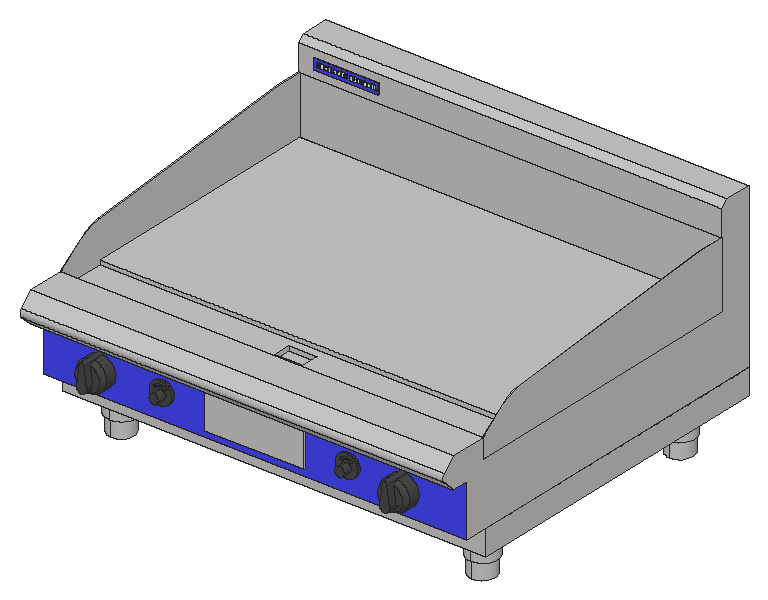
Revit family "QF_MOFFAT_BLUESEAL_CE_GP516-B", category Specialty Equipment, Revit 2012
Parameters
  Width [instance] = 900 mm  # constant formula
  Weight in Pounds = 346  # constant formula
  URL Cutsheet = "www.moffat.com"
  URL = "www.moffat.com"
  Type Mark [instance] = ""
  Status [instance] = ""
  Specification by User [instance] = ""
  Specification by Manufacturer = ""
  Show Logo [instance] = yes
  Serial Number = ""
  Seismic Rating = ""
  SMACNA No = ""
  Revision Code [instance] = ""
  Omniclass Number and Title = ""
  NAFEM Spec ID Number = ""
  Model = "GP516-B"
  Mechanical Remarks = ""
  Mechanical Connection Type = ""
  Masterspec = ""
  Manufacturer = "MOFFAT BLUESEAL"
  Item Number [instance] = ""
  Installed By [instance] = ""
  Identify Quantity as Lot [instance] = yes
  Height [instance] = 370 mm  # constant formula
  Gas Size = 3/4"
  Gas RI Height [instance] = 0 mm
  Gas KW = 22.2
  Gas Input = 75825.0 Btu/h
  Gas Connection Height = 0 mm
  Furnished By [instance] = ""
  Foodservice Equipment Identifier [instance] = yes
  Description = "900MM GAS GRIDDLE PLATE BENCH MOUNT"
  Depth [instance] = 812 mm  # constant formula
  CSI MasterFormat = ""
  CSI Master Format = ""
  Base Height [instance] = 85 mm
Reference planes
  plane 1 "BACK": y = 0
  plane 2: z = 0
  plane 3 "LEFT": x = 0
  plane 4 "RIGHT": x = 900
  plane 5 "FRONT": y = -812
  plane 6 "TOP": z = 375
  plane 7 "Center Y": x = 450
  plane 8 "Center X": y = -406
  plane 9 "Base Height": z = 85
  plane 10: z = 485
  plane 11: y = -100
  plane 12: y = -625
Forms (mm)
  Extrusion 1, solid, material "QF_Finishes_Stainless Steel"
    sketch origin (0, 0, 0) x (0, 1, 0) y (0, 0, 1)
      loop
        line (0, 140) -> (0, 485) -> (-57.5, 485) -> (-70, 472.5) -> (-70, 275) -> (-705, 275) -> (-705, 315) -> (-783.97, 315) -> (-808.485, 290.485)
        arc (-808.485, 290.485) -> (-811.999, 282) -> (-808.485, 273.515) r 12
        line (-808.485, 273.515) -> (-784.97, 250) -> (-749, 250) -> (-749, 140) -> (0, 140)
      loop
        line (0, 85) -> (0, 139) -> (-699, 139) -> (-699, 85) -> (0, 85)
    from 0 to 900
  Revolve 2, solid, material "QF_Finishes_Stainless Steel"
    sketch origin (65.5, -210, 0) x (0, 1, 0) y (0, 0, 1)
      loop
        line (78.25, 85) -> (78.25, 35) -> (82.5, 35) -> (82.5, 0) -> (110, 0) -> (110, 85) -> (78.25, 85)
      axis (110, 85) -> (110, 0)
    angle from 0 to 360
  Revolve 3, solid, material "QF_Finishes_Black"
    sketch origin (127.606, 7, -7.199) x (0, 1, 0) y (0, 0, -1)
      loop
        line (-789, -234.5) -> (-766, -234.5) -> (-766, -207) -> (-756, -207) -> (-756, -202) -> (-800, -202) -> (-800, -228.651) -> (-789, -234.5)
      axis (-800, -202) -> (-756, -202)
    angle from 0 to 360
  Extrusion 4, solid, material "QF_Finishes_Black"
    sketch origin (115.878, 0, -7.042) x (-1, 0, 0) y (0, 0, -1)
      loop
        line (-22.044, -191.036) -> (-16.624, -233.955)
        arc (-16.624, -233.955) -> (-11.625, -238.842) -> (-6.626, -233.955) r 5
        line (-6.626, -233.955) -> (-1.137, -189.869)
        arc (-1.137, -189.869) -> (-12.209, -179.37) -> (-22.044, -191.036) r 10.487
    from 759 to 808
  Revolve 5, solid, material "QF_Finishes_Stainless Steel"
    sketch origin (65.5, -728, 0) x (0, 1, 0) y (0, 0, 1)
      loop
        line (71.25, 85) -> (71.25, 35) -> (75.5, 35) -> (75.5, 0) -> (103, 0) -> (103, 85) -> (71.25, 85)
      axis (103, 85) -> (103, 0)
    angle from 0 to 360
  Extrusion 6, solid, material "QF_Finishes_Stainless Steel"
    sketch origin (0, -749, 266) x (0, 0, -1) y (1, 0, 0)
      loop
        line (25.201, 345) -> (112.1, 345) -> (112.1, 555) -> (25.201, 555) -> (25.201, 345)
    from 0 to 2.5
  Extrusion 7, solid, material "QF_Finishes_Stainless Steel"
    sketch origin (0, -751.5, 266) x (0, 0, -1) y (1, 0, 0)
      loop
        line (32.201, 555) -> (25.201, 555) -> (25.201, 345) -> (32.201, 345) -> (32.201, 555)
    from 0 to 5
  Extrusion 8, solid, material "QF_Finishes_Stainless Steel"
    sketch origin (0, -706, 134.206) x (0, 1, 0) y (-1, 0, 0)
      loop
        circle (673.862, -769.75) r 9.525
    from -49.206 to -64.206
  Revolve 9, solid, material "QF_Finishes_Black"
    sketch origin (772.616, 7, -7.2) x (0, 1, 0) y (0, 0, -1)
      loop
        line (-789, -234.5) -> (-766, -234.5) -> (-766, -207) -> (-756, -207) -> (-756, -202) -> (-800, -202) -> (-800, -228.651) -> (-789, -234.5)
      axis (-800, -202) -> (-756, -202)
    angle from 0 to 360
  Extrusion 10, solid, material "QF_Finishes_Black"
    sketch origin (760.889, 0, -7.042) x (-1, 0, 0) y (0, 0, -1)
      loop
        line (-22.044, -191.036) -> (-16.624, -233.955)
        arc (-16.624, -233.955) -> (-11.625, -238.842) -> (-6.626, -233.955) r 5
        line (-6.626, -233.955) -> (-1.137, -189.869)
        arc (-1.137, -189.869) -> (-12.209, -179.37) -> (-22.044, -191.036) r 10.487
    from 759 to 808
  Revolve 11, solid, material "QF_Finishes_Stainless Steel"
    sketch origin (834.5, -210, 0) x (0, 1, 0) y (0, 0, -1)
      loop
        line (78.25, -85) -> (110, -85) -> (110, 0) -> (82.5, 0) -> (82.5, -35) -> (78.25, -35) -> (78.25, -85)
      axis (110, -85) -> (110, 0)
    angle from 0 to 360
  Revolve 12, solid, material "QF_Finishes_Stainless Steel"
    sketch origin (834.5, -728, 0) x (0, 1, 0) y (0, 0, -1)
      loop
        line (71.25, -85) -> (103, -85) -> (103, 0) -> (75.5, 0) -> (75.5, -35) -> (71.25, -35) -> (71.25, -85)
      axis (103, -85) -> (103, 0)
    angle from 0 to 360
  Extrusion 13, solid, material "QF_Finishes_Black"
    sketch origin (17.5, -749, 264.021) x (0, 0, -1) y (1, 0, 0)
      loop
        circle (70, 235) r 24
      loop
        arc (60.1, 249.913) -> (52.064, 235.125) -> (59.882, 220.219) r 17.868
        arc (59.882, 220.219) -> (60.362, 219.934) -> (60.877, 220.149) r 0.621
        arc (60.877, 220.149) -> (62.314, 222.708) -> (62.658, 225.622) r 7.495
        arc (62.658, 225.622) -> (62.454, 226.55) -> (62.006, 227.388) r 3.472
        arc (62.006, 227.388) -> (59.714, 234.851) -> (61.844, 242.362) r 13.786
        arc (61.844, 242.362) -> (62.484, 243.632) -> (62.749, 245.028) r 5.101
        arc (62.749, 245.028) -> (62.378, 247.547) -> (61.084, 249.739) r 6.611
        arc (61.084, 249.739) -> (60.622, 249.997) -> (60.1, 249.913) r 0.806
    from 0 to 5
  Extrusion 14, solid, material "QF_Finishes_Black"
    sketch origin (17.5, -754, 264.021) x (0, 0, -1) y (1, 0, 0)
      loop
        circle (73.5, 235) r 10
    from 0 to 18.251
  Extrusion 15, solid, material "QF_Finishes_Black"
    sketch origin (413.125, -749, 264.021) x (0, 0, -1) y (1, 0, 0)
      loop
        circle (70, 235) r 24
      loop
        arc (60.1, 249.913) -> (52.064, 235.125) -> (59.882, 220.219) r 17.868
        arc (59.882, 220.219) -> (60.362, 219.934) -> (60.877, 220.149) r 0.621
        arc (60.877, 220.149) -> (62.314, 222.708) -> (62.658, 225.622) r 7.495
        arc (62.658, 225.622) -> (62.454, 226.55) -> (62.006, 227.388) r 3.472
        arc (62.006, 227.388) -> (59.714, 234.851) -> (61.844, 242.362) r 13.786
        arc (61.844, 242.362) -> (62.484, 243.632) -> (62.749, 245.028) r 5.101
        arc (62.749, 245.028) -> (62.378, 247.547) -> (61.084, 249.739) r 6.611
        arc (61.084, 249.739) -> (60.622, 249.997) -> (60.1, 249.913) r 0.806
    from 0 to 5
  Extrusion 16, solid, material "QF_Finishes_Black"
    sketch origin (413.125, -754, 264.021) x (0, 0, -1) y (1, 0, 0)
      loop
        circle (73.5, 235) r 10
    from 0 to 18.251
Cuts and joins
  joined: Revolve 3, Extrusion 4
  joined: Extrusion 6, Extrusion 7
Lines and regions (mm)
  Split face 1
    outline origin (495, -751.5, 153.9) x (1, 0, 0) y (0, 0, 1)
      loop
        arc (-52, 77) -> (-56, 73) -> (-52, 69) r 4
        line (-52, 69) -> (-38, 69)
        arc (-38, 69) -> (-34, 73) -> (-38, 77) r 4
        line (-38, 77) -> (-52, 77)
  Split face 2
    outline origin (0, 133.343, 485) x (0, -1, 0) y (1, 0, 0)
      loop
        arc (178.728, 276) -> (173.728, 284.66) -> (163.728, 284.66) r 10
        line (163.728, 284.66) -> (156.728, 280.619)
        arc (156.728, 280.619) -> (153.068, 276.959) -> (151.728, 271.959) r 10
        line (151.728, 271.959) -> (151.728, 44)
        arc (151.728, 44) -> (156.728, 35.34) -> (166.728, 35.34) r 10
        line (166.728, 35.34) -> (173.728, 39.381)
        arc (173.728, 39.381) -> (177.389, 43.041) -> (178.728, 48.041) r 10
        line (178.728, 48.041) -> (178.728, 276)
  Split face 3
    outline origin (0, 133.343, 485) x (0, -1, 0) y (1, 0, 0)
      loop
        arc (151.728, 336.021) -> (156.728, 327.36) -> (166.728, 327.36) r 10
        line (166.728, 327.36) -> (173.728, 331.402)
        arc (173.728, 331.402) -> (177.389, 335.062) -> (178.728, 340.062) r 10
        line (178.728, 340.062) -> (178.728, 568.021)
        arc (178.728, 568.021) -> (173.728, 576.681) -> (163.728, 576.681) r 10
        line (163.728, 576.681) -> (156.728, 572.64)
        arc (156.728, 572.64) -> (153.068, 568.979) -> (151.728, 563.979) r 10
        line (151.728, 563.979) -> (151.728, 336.021)
  Split face 4
    outline origin (0, 133.343, 485) x (0, -1, 0) y (1, 0, 0)
      loop
        arc (151.728, 634) -> (156.728, 625.34) -> (166.728, 625.34) r 10
        line (166.728, 625.34) -> (173.728, 629.381)
        arc (173.728, 629.381) -> (177.389, 633.041) -> (178.728, 638.041) r 10
        line (178.728, 638.041) -> (178.728, 866)
        arc (178.728, 866) -> (173.728, 874.66) -> (163.728, 874.66) r 10
        line (163.728, 874.66) -> (156.728, 870.619)
        arc (156.728, 870.619) -> (153.068, 866.959) -> (151.728, 861.959) r 10
        line (151.728, 861.959) -> (151.728, 634)
  symbolic lines
    curve 1: line (0, -812, 0) -> (900, -812, 0)
    curve 2: line (0, 0, 0) -> (0, -812, 0)
    curve 3: line (900, 0, 0) -> (0, 0, 0)
    curve 4: line (0, -70, 0) -> (900, -70, 0)
    curve 5: line (900, -712, 0) -> (0, -712, 0)
    curve 6: line (900, -812, 0) -> (900, 0, 0)
    curve 7: line (0, -57.5, 0) -> (900, -57.5, 0)
    curve 8: line (276, -45.385, 0) -> (48.041, -45.385, 0)
    curve 9: arc (48.041, -45.385, 0) -> (43.041, -44.045, 0) -> (39.381, -40.385, 0) r 10
    curve 10: line (39.381, -40.385, 0) -> (35.34, -33.385, 0)
    curve 11: arc (35.34, -33.385, 0) -> (35.34, -23.385, 0) -> (44, -18.385, 0) r 10
    curve 12: line (44, -18.385, 0) -> (271.959, -18.385, 0)
    curve 13: arc (271.959, -18.385, 0) -> (276.959, -19.725, 0) -> (280.619, -23.385, 0) r 10
    curve 14: line (280.619, -23.385, 0) -> (284.66, -30.385, 0)
    curve 15: arc (284.66, -30.385, 0) -> (284.66, -40.385, 0) -> (276, -45.385, 0) r 10
    curve 16: line (568.021, -45.385, 0) -> (340.062, -45.385, 0)
    curve 17: arc (340.062, -45.385, 0) -> (335.062, -44.045, 0) -> (331.402, -40.385, 0) r 10
    curve 18: line (331.402, -40.385, 0) -> (327.36, -33.385, 0)
    curve 19: arc (327.36, -33.385, 0) -> (327.36, -23.385, 0) -> (336.021, -18.385, 0) r 10
    curve 20: line (336.021, -18.385, 0) -> (563.979, -18.385, 0)
    curve 21: arc (563.979, -18.385, 0) -> (568.979, -19.725, 0) -> (572.64, -23.385, 0) r 10
    curve 22: line (572.64, -23.385, 0) -> (576.681, -30.385, 0)
    curve 23: arc (576.681, -30.385, 0) -> (576.681, -40.385, 0) -> (568.021, -45.385, 0) r 10
    curve 24: line (866, -45.385, 0) -> (638.041, -45.385, 0)
    curve 25: arc (638.041, -45.385, 0) -> (633.041, -44.045, 0) -> (629.381, -40.385, 0) r 10
    curve 26: line (629.381, -40.385, 0) -> (625.34, -33.385, 0)
    curve 27: arc (625.34, -33.385, 0) -> (625.34, -23.385, 0) -> (634, -18.385, 0) r 10
    curve 28: line (634, -18.385, 0) -> (861.959, -18.385, 0)
    curve 29: arc (861.959, -18.385, 0) -> (866.959, -19.725, 0) -> (870.619, -23.385, 0) r 10
    curve 30: line (870.619, -23.385, 0) -> (874.66, -30.385, 0)
    curve 31: arc (874.66, -30.385, 0) -> (874.66, -40.385, 0) -> (866, -45.385, 0) r 10
    curve 32: line (0, -783.97, 0) -> (900, -783.97, 0)
Dimensions and locks
  equal spacing: plane 3 "LEFT", plane 7 "Center Y", plane 4 "RIGHT"
  "Width": plane 3 "LEFT" to plane 4 "RIGHT"
  equal spacing: plane 5 "FRONT", plane 8 "Center X", plane 1 "BACK"
  "Depth": plane 5 "FRONT" to plane 1 "BACK"
  "Base Height": plane 9 "Base Height" to level
  locked: plane 6 "TOP" to plane 9 "Base Height" at 290
  plane 6 "TOP" to level = 375 mm
  plane 10 to plane 2 = 485 mm  (x2)
  Extrusion 8 sketch curve to plane 4 "RIGHT" = 130.25 mm
  aligned and locked: level to plane 2
  aligned and locked: Revolve 2 sketch curve to plane 9 "Base Height"
Automatic sketch dimensions
  curve 1 to plane 3 "LEFT" = 0 mm
  plane 1 "BACK" to curve 3 = 0 mm
  curve 3 to plane 4 "RIGHT" = 0 mm
  plane 5 "FRONT" to curve 1 = 0 mm
  plane 3 "LEFT" to curve 10 = 35.34 mm
  curve 10 to curve 10 = 4.041 mm
  curve 11 to curve 12 = 8.66 mm
  curve 9 to curve 8 = 8.66 mm
  plane 1 "BACK" to curve 13 = 18.385 mm
  curve 13 to plane 7 "Center Y" = 178.041 mm
  curve 13 to curve 15 = 4.041 mm
  plane 1 "BACK" to curve 14 = 23.385 mm
  curve 13 to curve 14 = 8.66 mm
  plane 1 "BACK" to curve 14 = 30.385 mm
  curve 13 to curve 14 = 4.041 mm
  curve 14 to curve 19 = 42.7 mm
  plane 1 "BACK" to curve 18 = 40.385 mm
  curve 18 to curve 18 = 4.041 mm
  curve 19 to curve 20 = 8.66 mm
  curve 19 to curve 17 = 4.041 mm
  plane 1 "BACK" to curve 21 = 18.385 mm
  plane 7 "Center Y" to curve 21 = 113.979 mm
  curve 21 to curve 23 = 4.041 mm
  plane 1 "BACK" to curve 22 = 23.385 mm
  curve 21 to curve 22 = 8.66 mm
  plane 1 "BACK" to curve 22 = 30.385 mm
  curve 22 to curve 22 = 4.041 mm
  plane 1 "BACK" to curve 26 = 33.385 mm
  curve 22 to curve 26 = 48.659 mm
  curve 27 to curve 25 = 4.041 mm  (x2)
  curve 27 to curve 27 = 8.66 mm
  plane 1 "BACK" to curve 29 = 18.385 mm
  plane 4 "RIGHT" to curve 29 = 38.041 mm
  curve 29 to curve 24 = 4.041 mm
  plane 1 "BACK" to curve 30 = 23.385 mm
  curve 28 to curve 30 = 8.66 mm
  curve 29 to curve 30 = 4.041 mm
  curve 32 to plane 5 "FRONT" = 28.03 mm
  curve 32 to curve 5 = 71.97 mm
  plane 11 to curve 4 = 30 mm
  curve 4 to curve 7 = 12.5 mm
  curve 16 to curve 23 = 15 mm
  curve 31 to curve 29 = 17 mm
  curve 8 to curve 15 = 15 mm
  curve 8 to curve 10 = 5 mm
  curve 25 to curve 27 = 7 mm
  curve 31 to curve 29 = 7 mm
  curve 10 to curve 10 = 7 mm
  curve 18 to curve 18 = 7 mm
  Extrusion 1 sketch curve to plane 9 "Base Height" = 0 mm
  Extrusion 1 sketch curve to plane 10 = 0 mm
  Extrusion 1 sketch curve to plane 1 "BACK" = 0 mm  (x2)
  plane 11 to Extrusion 1 sketch curve = 42.5 mm
  Extrusion 1 sketch curve to Extrusion 1 sketch curve = 12.5 mm
  Extrusion 1 sketch curve to plane 12 = 74 mm
  Extrusion 1 sketch curve to plane 12 = 80 mm
  Extrusion 1 sketch curve to Extrusion 1 sketch curve = 50 mm
  Extrusion 1 sketch curve to plane 5 "FRONT" = 28.03 mm
  Extrusion 1 sketch curve to plane 5 "FRONT" = 27.03 mm
  Extrusion 1 sketch curve to plane 5 "FRONT" = 12.001 mm
  Extrusion 1 sketch curve to plane 5 "FRONT" = 3.515 mm  (x2)
  plane 9 "Base Height" to Extrusion 1 sketch curve = 54 mm
  Extrusion 1 sketch curve to Extrusion 1 sketch curve = 1 mm
  Extrusion 1 sketch curve to Extrusion 1 sketch curve = 110 mm
  Extrusion 1 sketch curve to Extrusion 1 sketch curve = 23.515 mm
  Extrusion 1 sketch curve to plane 6 "TOP" = 100 mm
  Extrusion 1 sketch curve to Extrusion 1 sketch curve = 8.485 mm
  Extrusion 1 sketch curve to Extrusion 1 sketch curve = 40 mm
  Extrusion 1 sketch curve to plane 10 = 12.5 mm
  Revolve 2 sketch curve to level = 0 mm
  Revolve 2 sketch curve to plane 11 = 0 mm  (x2)
  Revolve 2 sketch curve to Revolve 2 sketch curve = 27.5 mm
  Revolve 2 sketch curve to Revolve 2 sketch curve = 31.75 mm
  Revolve 2 sketch curve to Revolve 2 sketch curve = 55 mm
  level to Revolve 2 sketch curve = 35 mm
  Revolve 2 sketch curve to plane 9 "Base Height" = 30 mm
  Revolve 3 sketch curve to plane 5 "FRONT" = 19 mm
  Revolve 3 sketch curve to Revolve 3 sketch curve = 0 mm  (x2)
  Revolve 3 sketch curve to Revolve 3 sketch curve = 11 mm
  Revolve 3 sketch curve to Revolve 3 sketch curve = 12.7 mm
  Revolve 3 sketch curve to Revolve 3 sketch curve = 23 mm
  Revolve 3 sketch curve to Revolve 3 sketch curve = 10 mm
  plane 9 "Base Height" to Revolve 3 sketch curve = 142.301 mm
  Revolve 3 sketch curve to Revolve 3 sketch curve = 5.849 mm
  Revolve 3 sketch curve to Revolve 3 sketch curve = 27.5 mm
  Revolve 3 sketch curve to Revolve 3 sketch curve = 5 mm
  plane 3 "LEFT" to Extrusion 4 sketch curve = 137.922 mm
  Extrusion 4 sketch curve to Extrusion 4 sketch curve = 5.421 mm
  Extrusion 4 sketch curve to Extrusion 4 sketch curve = 10.419 mm
  Extrusion 4 sketch curve to Extrusion 4 sketch curve = 4.999 mm  (x2)
  Extrusion 4 sketch curve to Extrusion 4 sketch curve = 10.487 mm
  plane 9 "Base Height" to Extrusion 4 sketch curve = 141.913 mm
  Extrusion 4 sketch curve to Extrusion 4 sketch curve = 0.113 mm
  Extrusion 4 sketch curve to Extrusion 4 sketch curve = 42.919 mm
  Extrusion 4 sketch curve to Extrusion 4 sketch curve = 1.167 mm
  Revolve 5 sketch curve to plane 9 "Base Height" = 0 mm
  Revolve 5 sketch curve to level = 0 mm
  Revolve 5 sketch curve to plane 12 = 0 mm  (x2)
  Revolve 5 sketch curve to Revolve 5 sketch curve = 27.5 mm
  Revolve 5 sketch curve to Revolve 5 sketch curve = 31.75 mm
  Revolve 5 sketch curve to Revolve 5 sketch curve = 55 mm
  level to Revolve 5 sketch curve = 35 mm
  Revolve 5 sketch curve to Revolve 5 sketch curve = 30 mm
  Extrusion 6 sketch curve to plane 6 "TOP" = 134.201 mm
  plane 9 "Base Height" to Extrusion 6 sketch curve = 68.9 mm
  Extrusion 6 sketch curve to plane 7 "Center Y" = 105 mm
  plane 7 "Center Y" to Extrusion 6 sketch curve = 105 mm
  Extrusion 7 sketch curve to Extrusion 6 = 0 mm  (x2)
  Extrusion 6 to Extrusion 7 sketch curve = 0 mm
  Extrusion 7 sketch curve to Extrusion 7 sketch curve = 7 mm
  plane 1 "BACK" to Extrusion 8 sketch curve = 32.138 mm
  cut or joined group of Extrusion 6, Extrusion 7 to Split face 1 sketch curve = 6.899 mm
  Split face 1 sketch curve to cut or joined group of Extrusion 6, Extrusion 7 = 98 mm
  Split face 1 sketch curve to Split face 1 sketch curve = 14 mm
  Split face 1 sketch curve to Split face 1 sketch curve = 4 mm
  Revolve 9 sketch curve to plane 5 "FRONT" = 19 mm
  Revolve 9 sketch curve to Revolve 9 sketch curve = 0 mm  (x2)
  Revolve 9 sketch curve to Revolve 9 sketch curve = 11 mm
  Revolve 9 sketch curve to Revolve 9 sketch curve = 12.7 mm
  Revolve 9 sketch curve to Revolve 9 sketch curve = 23 mm
  Revolve 9 sketch curve to Revolve 9 sketch curve = 10 mm
  plane 9 "Base Height" to Revolve 9 sketch curve = 142.3 mm
  Revolve 9 sketch curve to Revolve 9 sketch curve = 5.849 mm
  Revolve 9 sketch curve to Revolve 9 sketch curve = 27.5 mm
  Revolve 9 sketch curve to Revolve 9 sketch curve = 5 mm
  plane 4 "RIGHT" to Extrusion 10 sketch curve = 117.067 mm
  Extrusion 10 sketch curve to Extrusion 10 sketch curve = 5.421 mm
  Extrusion 10 sketch curve to Extrusion 10 sketch curve = 10.419 mm
  Extrusion 10 sketch curve to Extrusion 10 sketch curve = 4.999 mm  (x2)
  Extrusion 10 sketch curve to Extrusion 10 sketch curve = 10.487 mm
  plane 9 "Base Height" to Extrusion 10 sketch curve = 141.913 mm
  Extrusion 10 sketch curve to Extrusion 10 sketch curve = 0.113 mm
  Extrusion 10 sketch curve to Extrusion 10 sketch curve = 42.919 mm
  Extrusion 10 sketch curve to Extrusion 10 sketch curve = 1.167 mm
  Revolve 11 sketch curve to plane 9 "Base Height" = 0 mm
  Revolve 11 sketch curve to level = 0 mm
  Revolve 11 sketch curve to plane 11 = 0 mm  (x2)
  Revolve 11 sketch curve to Revolve 11 sketch curve = 27.5 mm
  Revolve 11 sketch curve to Revolve 11 sketch curve = 31.75 mm
  Revolve 11 sketch curve to plane 9 "Base Height" = 30 mm
  Revolve 11 sketch curve to Revolve 11 sketch curve = 20 mm
  Revolve 11 sketch curve to level = 55 mm
  Revolve 12 sketch curve to plane 9 "Base Height" = 0 mm
  Revolve 12 sketch curve to level = 0 mm
  Revolve 12 sketch curve to plane 12 = 0 mm  (x2)
  Revolve 12 sketch curve to Revolve 12 sketch curve = 27.5 mm
  Revolve 12 sketch curve to Revolve 12 sketch curve = 31.75 mm
  Revolve 12 sketch curve to Revolve 12 sketch curve = 30 mm
  Revolve 12 sketch curve to Revolve 12 sketch curve = 20 mm
  Revolve 12 sketch curve to level = 55 mm
  plane 9 "Base Height" to Extrusion 13 sketch curve = 123.834 mm
  Extrusion 13 sketch curve to Extrusion 13 sketch curve = 0.958 mm
  Extrusion 13 sketch curve to Extrusion 13 sketch curve = 1.509 mm
  Extrusion 13 sketch curve to Extrusion 13 sketch curve = 4.01 mm
  Extrusion 13 sketch curve to Extrusion 13 sketch curve = 0.685 mm
  Extrusion 13 sketch curve to Extrusion 13 sketch curve = 2.447 mm
  Extrusion 13 sketch curve to Extrusion 13 sketch curve = 0.524 mm
  Extrusion 13 sketch curve to Extrusion 13 sketch curve = 0.381 mm
  Extrusion 13 sketch curve to Extrusion 13 sketch curve = 0.472 mm
  Extrusion 13 sketch curve to Extrusion 13 sketch curve = 0 mm  (x5)
  Extrusion 13 sketch curve to Extrusion 13 sketch curve = 0.602 mm
  Extrusion 13 sketch curve to Extrusion 13 sketch curve = 4.19 mm
  Extrusion 13 sketch curve to Extrusion 13 sketch curve = 2.809 mm
  Extrusion 13 sketch curve to Extrusion 13 sketch curve = 0.652 mm
  Extrusion 13 sketch curve to Extrusion 13 sketch curve = 0.905 mm
  Extrusion 13 sketch curve to Extrusion 13 sketch curve = 8.087 mm
  Extrusion 13 sketch curve to Extrusion 13 sketch curve = 0.069 mm
  Extrusion 13 sketch curve to Extrusion 13 sketch curve = 3.5 mm
  Extrusion 13 sketch curve to plane 7 "Center Y" = 212.351 mm
  Extrusion 13 sketch curve to Extrusion 13 sketch curve = 0.07 mm
  Extrusion 13 sketch curve to Extrusion 13 sketch curve = 7.606 mm
  Extrusion 13 sketch curve to Extrusion 13 sketch curve = 0.007 mm
  plane 9 "Base Height" to Extrusion 15 sketch curve = 123.834 mm
  Extrusion 15 sketch curve to Extrusion 15 sketch curve = 0.958 mm
  Extrusion 15 sketch curve to Extrusion 15 sketch curve = 1.509 mm
  Extrusion 15 sketch curve to Extrusion 15 sketch curve = 4.01 mm
  Extrusion 15 sketch curve to Extrusion 15 sketch curve = 0.685 mm
  Extrusion 15 sketch curve to Extrusion 15 sketch curve = 2.447 mm
  Extrusion 15 sketch curve to Extrusion 15 sketch curve = 0.524 mm
  Extrusion 15 sketch curve to Extrusion 15 sketch curve = 0.381 mm
  Extrusion 15 sketch curve to Extrusion 15 sketch curve = 0.472 mm
  Extrusion 15 sketch curve to Extrusion 15 sketch curve = 0 mm  (x5)
  Extrusion 15 sketch curve to Extrusion 15 sketch curve = 0.602 mm
  Extrusion 15 sketch curve to Extrusion 15 sketch curve = 4.19 mm
  Extrusion 15 sketch curve to Extrusion 15 sketch curve = 2.809 mm
  Extrusion 15 sketch curve to Extrusion 15 sketch curve = 0.652 mm
  Extrusion 15 sketch curve to Extrusion 15 sketch curve = 0.905 mm
  Extrusion 15 sketch curve to Extrusion 15 sketch curve = 8.087 mm
  Extrusion 15 sketch curve to Extrusion 15 sketch curve = 0.069 mm
  Extrusion 15 sketch curve to Extrusion 15 sketch curve = 3.5 mm
  plane 7 "Center Y" to Extrusion 15 sketch curve = 183.274 mm
  Extrusion 15 sketch curve to Extrusion 15 sketch curve = 0.07 mm
  Extrusion 15 sketch curve to Extrusion 15 sketch curve = 7.606 mm
  Extrusion 15 sketch curve to Extrusion 15 sketch curve = 0.007 mm
  Split face 2 sketch curve to Extrusion 1 = 18.385 mm
  Split face 2 sketch curve to Split face 2 sketch curve = 5 mm  (x3)
  Split face 2 sketch curve to Split face 2 sketch curve = 10 mm  (x2)
  Split face 2 sketch curve to Split face 2 sketch curve = 7 mm  (x4)
  Split face 2 sketch curve to Extrusion 1 = 35.34 mm
  Split face 2 sketch curve to Split face 2 sketch curve = 4.041 mm  (x2)
  Split face 2 sketch curve to Split face 2 sketch curve = 223.917 mm
  Split face 3 sketch curve to Extrusion 1 = 18.385 mm
  Split face 3 sketch curve to Split face 3 sketch curve = 5 mm  (x3)
  Split face 3 sketch curve to Split face 3 sketch curve = 10 mm  (x2)
  Split face 3 sketch curve to Split face 3 sketch curve = 7 mm  (x4)
  Split face 3 sketch curve to Extrusion 1 = 327.36 mm
  Split face 3 sketch curve to Split face 3 sketch curve = 4.041 mm  (x2)
  Split face 3 sketch curve to Split face 3 sketch curve = 223.917 mm
  Split face 4 sketch curve to Extrusion 1 = 18.385 mm
  Split face 4 sketch curve to Split face 4 sketch curve = 5 mm  (x3)
  Split face 4 sketch curve to Split face 4 sketch curve = 10 mm  (x2)
  Split face 4 sketch curve to Split face 4 sketch curve = 7 mm  (x4)
  Split face 4 sketch curve to Extrusion 1 = 274.66 mm
  Split face 4 sketch curve to Split face 4 sketch curve = 4.041 mm  (x2)
  Split face 4 sketch curve to Extrusion 1 = 38.041 mm
  radius of Extrusion 8 sketch curve = 9.525 mm
  radius of Extrusion 13 sketch curve = 24 mm
  radius of Extrusion 14 sketch curve to Extrusion 13 = 3.786 mm
  radius of Extrusion 15 sketch curve = 24 mm
  radius of Extrusion 16 sketch curve to Extrusion 15 = 3.786 mm
Nested families
  nested 1: "WALDORF LOGO_FACE BASE" at (32, -70, 456.885) x (1, 0, 0) z (0, -1, 0), visible <- "Show Logo", type "WALDORF LOGO_FACE BASE", detail levels medium+fine
    with Show Logo yes
  nested 2: "GAS GRIDDLE 900" at (0, -70, 274.5), type "GAS GRIDDLE 900"
    with Width 900 mm, Type Mark "", Status "", Specification by User "", Show Clearance yes, Revision Code "", Number of Poles 1, Mechanical Remarks "", Mechanical Connection Type "", Item Number "", Installed By "", Identify Quantity as Lot yes, Gas RI Height 0 mm, Gas KW 0, Gas Input 0.0 Btu/h, Furnished By "", Foodservice Equipment Identifier yes, Electrical Remarks "", Electric Connection Type "", Elec Conn RI Height 0 mm, Elec Conn Connection Height 0 mm, Depth 635 mm
Connectors
  piping at (769.75, -32.138, 70)
    settings: on Extrusion 8, index 1, connector radius 0.37402", flow factor 0, pipe flow 0 GPM, pressure drop 0.00 psi, fitting loss kfactor 0, connector angle 0.00°, fixture units 0, engagement length 0 mm, flow configuration 0, flow direction 1, fitting loss method 0, system type 7, joint type 0, gender type 0, connector reference index -1, connector utility 0, adjustable connector no, is connector primary yes, fitting loss table "", connector description "GAS CONNECTION"
Definition of nested family "WALDORF LOGO_FACE BASE"
  Parameters (values of type "WALDORF LOGO_FACE BASE")
    Show Logo [instance] = yes
    Default Elevation = 1219.2 mm
  Reference planes
    plane 1 "Center (Front/Back)": y = 0
    plane 2: z = 0
    plane 3 "Center (Left/Right)": x = 0
  Forms (mm)
    Extrusion 1, solid
      sketch origin (0, 0, 0) x (1, 0, 0) y (0, 1, 0)
        loop
          line (-1219.2, 1219.2) -> (-1219.2, -1219.2) -> (1219.2, -1219.2) -> (1219.2, 1219.2) -> (-1219.2, 1219.2)
      from 0 to -304.8
    Extrusion 2, solid, material "QF_Finishes_Blue", visible <- "Show Logo"
      sketch origin (0, -33.217, 0) x (1, 0, 0) y (0, 1, 0)
        loop
          arc (138, 31.942) -> (137.626, 32.844) -> (136.724, 33.217) r 1.276
          line (136.724, 33.217) -> (1.29, 33.217)
          arc (1.29, 33.217) -> (0.378, 32.839) -> (0, 31.927) r 1.29
          line (0, 31.927) -> (0, 11.507)
          arc (0, 11.507) -> (0.378, 10.595) -> (1.29, 10.217) r 1.29
          line (1.29, 10.217) -> (136.71, 10.217)
          arc (136.71, 10.217) -> (137.622, 10.595) -> (138, 11.507) r 1.29
          line (138, 11.507) -> (138, 31.942)
      from 0 to 1.588
    Extrusion 3, solid, material "QF_Finishes_White", visible <- "Show Logo"
      sketch origin (0, -33.217, 1.588) x (1, 0, 0) y (0, 1, 0)
        loop
          arc (108.946, 25.919) -> (107.613, 25.367) -> (107.061, 24.034) r 1.885
          line (107.061, 24.034) -> (107.061, 17.211) -> (112.704, 17.211) -> (112.704, 19.129) -> (115.546, 19.129) -> (115.546, 17.211) -> (121.584, 17.211) -> (121.584, 24.075)
          arc (121.584, 24.075) -> (121.043, 25.379) -> (119.739, 25.919) r 1.845
          line (119.739, 25.919) -> (108.946, 25.919)
        loop
          line (123.478, 25.919) -> (123.478, 17.163) -> (134.904, 17.163) -> (134.904, 19.129) -> (129.246, 19.129) -> (129.246, 25.919) -> (123.478, 25.919)
        loop
          line (112.704, 21.258) -> (115.546, 21.258) -> (115.546, 22.702)
          arc (115.546, 22.702) -> (115.344, 23.188) -> (114.858, 23.389) r 0.687
          line (114.858, 23.389) -> (113.363, 23.389)
          arc (113.363, 23.389) -> (112.897, 23.196) -> (112.704, 22.73) r 0.658
          line (112.704, 22.73) -> (112.704, 21.258)
        loop
          line (105.071, 25.919) -> (93.771, 25.919) -> (93.771, 17.163) -> (105.071, 17.163) -> (105.071, 19.063) -> (99.535, 19.063) -> (99.535, 20.437) -> (105.071, 20.437) -> (105.071, 22.278) -> (99.535, 22.278) -> (99.535, 23.587) -> (105.071, 23.587) -> (105.071, 25.919)
        loop
          line (91.104, 25.919) -> (79.541, 25.919)
          arc (79.541, 25.919) -> (78.558, 25.513) -> (78.152, 24.53) r 1.389
          line (78.152, 24.53) -> (78.152, 22.08)
          arc (78.152, 22.08) -> (78.558, 21.098) -> (79.541, 20.691) r 1.389
          line (79.541, 20.691) -> (86.346, 20.691) -> (86.346, 18.864) -> (83.266, 18.864) -> (83.266, 19.664) -> (78.152, 19.664) -> (78.152, 18.553)
          arc (78.152, 18.553) -> (78.558, 17.57) -> (79.541, 17.163) r 1.389
          line (79.541, 17.163) -> (91.063, 17.163)
          arc (91.063, 17.163) -> (92.045, 17.57) -> (92.452, 18.553) r 1.389
          line (92.452, 18.553) -> (92.452, 20.691)
          arc (92.452, 20.691) -> (92.045, 21.673) -> (91.063, 22.08) r 1.389
          line (91.063, 22.08) -> (83.266, 22.08) -> (83.266, 23.984) -> (86.346, 23.984) -> (86.346, 22.743) -> (92.452, 22.743) -> (92.452, 24.571)
          arc (92.452, 24.571) -> (92.057, 25.524) -> (91.104, 25.919) r 1.348
        loop
          line (70.705, 25.919) -> (59.405, 25.919) -> (59.405, 17.163) -> (70.705, 17.163) -> (70.705, 19.063) -> (65.169, 19.063) -> (65.169, 20.437) -> (70.705, 20.437) -> (70.705, 22.278) -> (65.169, 22.278) -> (65.169, 23.587) -> (70.705, 23.587) -> (70.705, 25.919)
        loop
          line (57.598, 25.919) -> (51.7, 25.919) -> (51.7, 20.18)
          arc (51.7, 20.18) -> (50.63, 19.11) -> (49.56, 20.18) r 1.07
          line (49.56, 20.18) -> (49.56, 25.919) -> (43.663, 25.919) -> (43.663, 19.049)
          arc (43.663, 19.049) -> (44.215, 17.716) -> (45.548, 17.163) r 1.885
          line (45.548, 17.163) -> (55.71, 17.163)
          arc (55.71, 17.163) -> (57.045, 17.716) -> (57.598, 19.051) r 1.887
          line (57.598, 19.051) -> (57.598, 25.919)
        loop
          line (31.62, 25.919) -> (31.62, 17.163) -> (43.046, 17.163) -> (43.046, 19.129) -> (37.388, 19.129) -> (37.388, 25.919) -> (31.62, 25.919)
        loop
          line (15.969, 25.919) -> (15.969, 17.163) -> (28.693, 17.163)
          arc (28.693, 17.163) -> (29.812, 17.627) -> (30.276, 18.746) r 1.582
          line (30.276, 18.746) -> (30.276, 20.447) -> (29.48, 21.243) -> (30.276, 22.039) -> (30.276, 24.332)
          arc (30.276, 24.332) -> (29.811, 25.454) -> (28.688, 25.919) r 1.587
          line (28.688, 25.919) -> (15.969, 25.919)
        loop
          line (21.449, 24.159) -> (21.449, 22.436) -> (23.862, 22.436)
          arc (23.862, 22.436) -> (24.723, 23.298) -> (23.862, 24.159) r 0.861
          line (23.862, 24.159) -> (21.449, 24.159)
        loop
          line (21.449, 20.244) -> (21.449, 18.522) -> (23.862, 18.522)
          arc (23.862, 18.522) -> (24.723, 19.383) -> (23.862, 20.244) r 0.861
          line (23.862, 20.244) -> (21.449, 20.244)
      from 0 to 0.2
    Extrusion 4, solid, material "QF_Finishes_Blue", visible <- "Show Logo"
      sketch origin (-126.498, -31.09, 1.588) x (1, 0, 0) y (0, 1, 0)
        loop
          line (136.738, 23.522) -> (136.738, 15.1)
          arc (136.738, 15.1) -> (140.756, 19.311) -> (136.738, 23.522) r 4.216
      from 0 to 0.2
    Extrusion 5, solid, material "QF_Finishes_Red", visible <- "Show Logo"
      sketch origin (146.849, -31.09, 1.588) x (-1, 0, 0) y (0, -1, 0)
        loop
          arc (136.738, -23.522) -> (140.756, -19.311) -> (136.738, -15.1) r 4.216
          line (136.738, -15.1) -> (136.738, -23.522)
      from 0 to 0.2
  Lines and regions (mm)
    Split face 1
      outline origin (-90.35, -30.793, 1.588) x (1, 0, 0) y (0, 1, 0)
        loop
          circle (100.54, 19.013) r 4.536
  Dimensions and locks
    aligned and locked: plane 2 to Extrusion 1
    aligned and locked: level to Extrusion 1
Definition of nested family "GAS GRIDDLE 900"
  Parameters (values of type "GAS GRIDDLE 900")
    Width [instance] = 900 mm
    Weight in Pounds = 0
    Watts = 0 W
    Volts = 0 V
    URL Cutsheet = ""
    Type Mark [instance] = ""
    Status [instance] = ""
    Specification by User [instance] = ""
    Specification by Manufacturer = ""
    Show Clearance [instance] = yes
    Serial Number = ""
    Seismic Rating = ""
    SMACNA No = ""
    Revision Code [instance] = ""
    Phase = 1
    Omniclass Number and Title = ""
    Number of Poles [instance] = 1
    NAFEM Spec ID Number = ""
    Min Ckt Ampacity = 0 A
    Mechanical Remarks [instance] = ""
    Mechanical Connection Type [instance] = ""
    Max Overcurrent Protection = 0 A
    Masterspec = ""
    Item Number [instance] = ""
    Installed By [instance] = ""
    Identify Quantity as Lot [instance] = yes
    HP = ""
    Gas Size = 0"
    Gas RI Height [instance] = 0 mm
    Gas KW [instance] = 0
    Gas Input [instance] = 0.0 Btu/h
    Gas Connection Height = 0 mm
    Furnished By [instance] = ""
    Foodservice Equipment Identifier [instance] = yes
    FL Amps = 0 A
    Electrical Remarks [instance] = ""
    Electric Connection Type [instance] = ""
    Elec Conn RI Height [instance] = 0 mm
    Elec Conn Connection Height [instance] = 0 mm
    Depth [instance] = 635 mm
    Cycle = 0 Hz
    Conn Plug = ""
    Conn Conduit = yes
    CSI MasterFormat = ""
    CSI Master Format = ""
    Apparent Power = if(Phase = 3, Volts * FL Amps * 1.73, Volts * FL Amps)  # 0 VA
  Reference planes
    plane 1 "BACK": y = 0
    plane 2: z = 0
    plane 3 "LEFT": x = 0
    plane 4 "RIGHT": x = 900
    plane 5 "FRONT": y = -635
    plane 6 "TOP": z = 142.5
    plane 7 "Center Y": x = 450
    plane 8 "Center X": y = -317.5
    plane 9: y = -530.997
    plane 10: y = -541.497
    plane 11: y = -503.25
    plane 12: y = -557.737
  Forms (mm)
    Extrusion 1, solid, material "QF_Finishes_Stainless Steel"
      sketch origin (0, 70.003, -874.5) x (0, 1, 0) y (0, 0, 1)
        loop
          line (-70, 875) -> (-70, 1017) -> (-127.048, 1017) -> (-604.533, 971.023)
          arc (-604.533, 971.023) -> (-629.56, 965.303) -> (-652.306, 953.399) r 100
          line (-652.306, 953.399) -> (-705.003, 916.5) -> (-705.003, 875) -> (-70, 875)
      from 0 to 1.8
    Extrusion 2, solid, material "QF_Finishes_Stainless Steel"
      sketch origin (600, 70.003, -874.5) x (0, -1, 0) y (0, 0, 1)
        loop
          line (70, 875) -> (705.003, 875) -> (705.003, 916.5) -> (652.306, 953.399)
          arc (652.306, 953.399) -> (629.56, 965.303) -> (604.533, 971.023) r 100
          line (604.533, 971.023) -> (127.048, 1017) -> (70, 1017) -> (70, 875)
      from -300 to -298.8
    Extrusion 3, solid, material "QF_Finishes_Stainless Steel"
      sketch origin (150, 70.003, -874.5) x (0, 1, 0) y (0, 0, 1)
        loop
          line (-70.003, 894) -> (-602.103, 894) -> (-602.103, 884.5) -> (-683.795, 884.5) -> (-683.795, 895) -> (-705.003, 895) -> (-705.003, 875) -> (-70.003, 875) -> (-70.003, 894)
      from -148.2 to 748.8
    Extrusion 4, void
      sketch origin (150, -561.497, 10) x (0, -1, 0) y (1, 0, 0)
        loop
          line (-9.205, 270) -> (29.295, 270) -> (29.295, 330) -> (-9.205, 330) -> (-9.205, 270)
      from -41.4 to 40.142
    Extrusion 5, solid, material "QF_Finishes_Stainless Steel"
      sketch origin (0, 0, 0) x (1, 0, 0) y (0, 1, 0)
        loop
          line (1.8, 0) -> (1.8, -1.2) -> (898.8, -1.2) -> (898.8, 0) -> (1.8, 0)
      from 19.5 to 142.5
  Cuts and joins
    Extrusion 4 cuts Extrusion 3
    joined: Extrusion 1, Extrusion 2, Extrusion 3
  Lines and regions (mm)
    symbolic lines
      curve 1: line (900, -532.1, 0) -> (0, -532.1, 0)
      curve 2: line (0, -613.792, 0) -> (900, -613.792, 0)
      curve 3: line (0, 0, 0) -> (900, 0, 0)
      curve 4: line (900, 0, 0) -> (900, -635, 0)
      curve 5: line (0, -635, 0) -> (0, 0, 0)
      curve 6: line (0, -635, 0) -> (900, -635, 0)
      curve 7: line (420, -552.292, 0) -> (480, -552.292, 0)
      curve 8: line (420, -590.792, 0) -> (420, -552.292, 0)
      curve 9: line (480, -590.792, 0) -> (420, -590.792, 0)
      curve 10: line (480, -552.292, 0) -> (480, -590.792, 0)
  Dimensions and locks
    equal spacing: plane 3 "LEFT", plane 7 "Center Y", plane 4 "RIGHT"
    "Width": plane 3 "LEFT" to plane 4 "RIGHT"
    equal spacing: plane 5 "FRONT", plane 8 "Center X", plane 1 "BACK"
    "Depth": plane 5 "FRONT" to plane 1 "BACK"
    locked: Extrusion 2 to Extrusion 2 at 1.2
    aligned and locked: level to plane 2
    aligned and locked: Extrusion 2 to plane 4 "RIGHT"
    aligned and locked: cut or joined group of Extrusion 1, Extrusion 2, Extrusion 3, Extrusion 4 to cut or joined group of Extrusion 1, Extrusion 2, Extrusion 3, Extrusion 4
  Automatic sketch dimensions
    Extrusion 1 sketch curve to plane 5 "FRONT" = 0 mm
    Extrusion 1 sketch curve to plane 6 "TOP" = 0 mm
    plane 12 to Extrusion 1 sketch curve = 24.566 mm
    Extrusion 1 sketch curve to plane 12 = 23.207 mm
    Extrusion 1 sketch curve to level = 3.016 mm
    plane 11 to Extrusion 1 sketch curve = 21.695 mm
    plane 1 "BACK" to Extrusion 1 sketch curve = 57.045 mm
    Extrusion 1 sketch curve to plane 1 "BACK" = 0.003 mm
    level to Extrusion 1 sketch curve = 0.5 mm
    Extrusion 1 sketch curve to Extrusion 1 sketch curve = 41.5 mm
    Extrusion 1 sketch curve to plane 6 "TOP" = 63.601 mm
    Extrusion 2 sketch curve to plane 6 "TOP" = 0 mm
    Extrusion 2 sketch curve to plane 5 "FRONT" = 0 mm
    plane 12 to Extrusion 2 sketch curve = 24.566 mm
    Extrusion 2 sketch curve to plane 12 = 23.207 mm
    Extrusion 2 sketch curve to level = 3.016 mm
    plane 11 to Extrusion 2 sketch curve = 21.695 mm
    plane 1 "BACK" to Extrusion 2 sketch curve = 57.045 mm
    Extrusion 2 sketch curve to plane 1 "BACK" = 0.003 mm
    level to Extrusion 2 sketch curve = 0.5 mm
    Extrusion 2 sketch curve to Extrusion 2 sketch curve = 41.5 mm
    Extrusion 2 sketch curve to plane 6 "TOP" = 63.601 mm
    Extrusion 3 sketch curve to plane 5 "FRONT" = 0 mm
    Extrusion 3 sketch curve to plane 1 "BACK" = 0 mm
    level to Extrusion 3 sketch curve = 10 mm
    Extrusion 3 sketch curve to plane 5 "FRONT" = 21.208 mm
    plane 9 to Extrusion 3 sketch curve = 1.103 mm
    level to Extrusion 3 sketch curve = 0.5 mm
    Extrusion 3 sketch curve to Extrusion 3 sketch curve = 10.5 mm
    Extrusion 3 sketch curve to Extrusion 3 sketch curve = 9.5 mm
    Extrusion 4 sketch curve to plane 12 = 5.445 mm
    plane 12 to Extrusion 4 sketch curve = 33.055 mm
    Extrusion 4 sketch curve to plane 7 "Center Y" = 30 mm
    Extrusion 4 sketch curve to Extrusion 4 sketch curve = 60 mm
    plane 1 "BACK" to Extrusion 5 sketch curve = 0 mm
    plane 3 "LEFT" to Extrusion 5 sketch curve = 1.8 mm
    plane 4 "RIGHT" to Extrusion 5 sketch curve = 1.2 mm
    Extrusion 5 sketch curve to Extrusion 5 sketch curve = 1.2 mm
    curve 6 to plane 3 "LEFT" = 0 mm
    curve 4 to plane 4 "RIGHT" = 0 mm
    plane 5 "FRONT" to curve 6 = 0 mm
    plane 1 "BACK" to curve 3 = 0 mm
    curve 8 to plane 12 = 5.445 mm
    curve 8 to plane 7 "Center Y" = 30 mm
    curve 7 to curve 10 = 60 mm
    curve 2 to plane 5 "FRONT" = 21.208 mm
    plane 12 to curve 9 = 33.055 mm
    curve 1 to plane 12 = 25.637 mm
